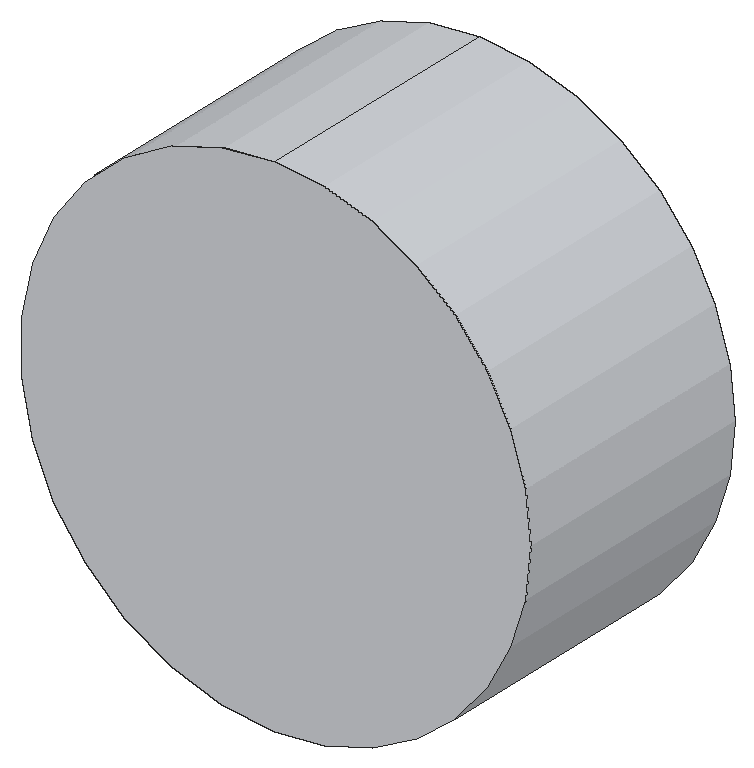
Revit family "MULBV611030", category Generic Models, Revit 2018
Family settings
  Can host rebar = No
  Round Connector Dimension = Use Diameter
  Part Type = Normal
  OmniClass Number = 23.60.30.14
  OmniClass Title = Ducting and Wireways for General Use
  Work Plane-Based = No
  Always vertical = Yes
  Cut with Voids When Loaded = No
  Shared = No
  Room Calculation Point = No
Parameters (values of type "Standard")
  URL = "https://trekput.nl/productPage.php?id=MULBV611030"
  Part Number = "MULBV611030"
  Model = "MULBV611030"
  Manufacturer = "PowerCast"
  Designer = "eugeneraaijmakers"
  Design Status = 1
  Description = "Multiduct Bocht 6*110 Verticaal 30°"
  Date Created = "21-2-2025 21:26:52"
  Author = "eugeneraaijmakers"
Reference planes
  plane 1 "Center (Front/Back)": y = 0
  plane 2: z = 0
  plane 3 "Center (Left/Right)": x = 0
Forms (mm)
  Extrusion 1, solid
    sketch origin (0, 6.35, 0) x (0, 0, -1) y (1, 0, 0)
      loop
        circle (0, 0) r 3.048
    from 0 to -3.048
Dimensions and locks
  aligned and locked: level to plane 2
Connectors
  hvac at (0, 6.35, 0)
    settings: on Extrusion 1, index 1, duct flow 0.0 L/s, flow factor 0, pres drop 0.0 Pa, loss coef 0, conn angle 0.00°, conn width 304.8 mm, conn height 304.8 mm, conn diameter 609.6 mm, duct sys type 4, conn prof type 1, flow config 1, flow direction 1, loss method 0, conn ref index -1, conn util no, is conn primary yes, conn desc "Multiduct Bocht 6*110 Verticaal 30°"
